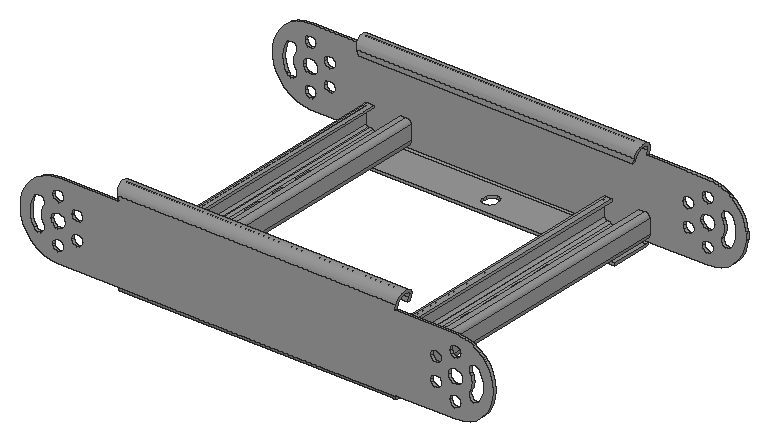
Revit family "Gelenkbogenelement - LGBE 620 FS", category Generic Models, Revit 2017
Family settings
  Can host rebar = No
  Round Connector Dimension = Use Diameter
  Part Type = Normal
  Work Plane-Based = No
  Always vertical = Yes
  Cut with Voids When Loaded = No
  Shared = No
  Room Calculation Point = No
Parameters (values of type "LGBE 620 FS")
  Width 1 = Width / 2  # 100 mm
  Width = 200 mm
  URL = "http://www.obo-bettermann.com"
  Material = Strip-galvanised
  Manufacturer Art.No. = "6225450"
  Manufacturer = "OBO BETTERMANN"
  GTIN = "4012196444885"
  Cut's number = 2
  Article Type = "LGBE 620 FS"
Reference planes
  plane 1 "Center (Front/Back)": y = 0
  plane 2: z = 0
  plane 3 "Center (Left/Right)": x = 0
  plane 4: z = 50.878
  plane 5: x = 298
  plane 6: x = 149
  plane 7: y = 200
  plane 8: y = 100
  plane 9: z = 54
  plane 10: z = 60
  plane 11: z = 50.878
  plane 12: y = 200
  plane 13: z = 30
  plane 14: z = 60
  plane 15: x = 62.5
  plane 16: x = 235.5
  plane 17: z = 54
  plane 18: z = 6
  plane 19: z = 54
  plane 20: z = 6
  plane 21: x = 62.5
  plane 22: x = 200.735
  plane 23: x = 62.424
  plane 24: x = 235.5
  plane 25: z = 30
  plane 26: x = 62.424
  plane 27: z = 26.878
  plane 28: x = 235.098
  plane 29: z = 2.878
  plane 30: z = 26.878
  plane 31: x = 24
  plane 32: x = 274
  plane 33: x = 235.5
  plane 34: x = 62.5
  plane 35: z = 30
  plane 36: z = 60
  plane 37: z = 54
  plane 38: z = 6
  plane 39: x = 62.5
  plane 40: z = 2.5
  plane 41: x = 235.5
  plane 42: x = 62.5
  plane 43: z = 30
  plane 44: z = 60
  plane 45: z = 6
  plane 46: z = 54
  plane 47: z = 50.878
  plane 48: x = 62.5
  plane 49: x = 235.5
  plane 50: z = 30
  plane 51: z = 60
  plane 52: z = 6
  plane 53: z = 54
  plane 54: z = 50.878
  plane 55: z = 26.878
  plane 56: x = 274
  plane 57: x = 24
  plane 58: z = 26.5
  plane 59: x = 24
  plane 60: y = 183.991
  plane 61: x = 24
  plane 62: x = 274
  plane 63: z = 26.878
  plane 64: z = 26.878
  plane 65: x = 24
  plane 66: z = 40.878
  plane 67: z = 12.885
  plane 68: through (24, -1524, 26.878) normal (-0.5, 0, -0.866)
  plane 69: through (24, -1524, 26.878) normal (0.5, 0, -0.866)
  plane 70: through (21.163, -1524, 25.24) normal (-0.5, 0, 0.866)
  plane 71: through (21.628, -1524, 28.247) normal (0.5, 0, 0.866)
  plane 72: x = 36.054
  plane 73: x = 274
  plane 74: x = 24
  plane 75: z = 26.878
  plane 76: z = 26.878
  plane 77: x = 274
  plane 78: z = 40.878
  plane 79: z = 12.885
  plane 80: through (274, -1524, 26.878) normal (-0.5, 0, 0.866)
  plane 81: through (274, -1524, 26.878) normal (0.5, 0, 0.866)
  plane 82: through (276.837, -1524, 25.24) normal (-0.5, 0, -0.866)
  plane 83: through (276.372, -1524, 28.247) normal (0.5, 0, -0.866)
  plane 84: x = 261.946
  plane 85: z = 26.678
  plane 86: x = 274
  plane 87: z = 26.678
  plane 88: x = 274
  plane 89: through (274.082, 0, 26.736) normal (0.5, 0, -0.866)
  plane 90: through (273.69, 0, 26.862) normal (-0.5, 0, -0.866)
  plane 91: through (276.753, 0, 25.094) normal (0.5, 0, 0.866)
  plane 92: through (275.566, 0, 27.592) normal (-0.5, 0, 0.866)
  plane 93: z = 40.652
  plane 94: z = 12.76
  plane 95: x = 261.762
  plane 96: z = 26.678
  plane 97: x = 24
  plane 98: z = 26.445
  plane 99: x = 24
  plane 100: through (23.918, 0, 26.502) normal (0.5, 0, 0.866)
  plane 101: through (24.31, 0, 26.629) normal (-0.5, 0, 0.866)
  plane 102: through (21.248, 0, 24.861) normal (0.5, 0, -0.866)
  plane 103: through (22.434, 0, 27.359) normal (-0.5, 0, -0.866)
  plane 104: z = 40.418
  plane 105: z = 12.527
  plane 106: x = 36.238
  plane 107: y = 198.478
  plane 108: x = 74
  plane 109: x = 224
  plane 110: z = 5.5
  plane 111: x = 61.754
  plane 112: x = 236.294
  plane 113: x = 84.5
  plane 114: x = 63.5
  plane 115: x = 68.4
  plane 116: x = 79.6
  plane 117: x = 224
  plane 118: z = 5.5
  plane 119: x = 213.5
  plane 120: x = 234.5
  plane 121: x = 218.4
  plane 122: x = 229.6
  plane 123: y = 196
  plane 124: y = 4
  plane 125: y = 156
  plane 126: y = 44
  plane 127: x = 74.003
  plane 128: y = 156
  plane 129: x = 74.003
  plane 130: y = 60
  plane 131: y = 80
  plane 132: y = 100
  plane 133: y = 120
  plane 134: y = 140
  plane 135: y = 44
  plane 136: y = 44
  plane 137: y = 156
  plane 138: y = 156
  plane 139: y = 80
  plane 140: y = 120
Forms (mm)
  Extrusion 1, solid, material "Strip-galvanised" <- "Material"
    sketch origin (0, 0, 0) x (0, 1, 0) y (0, 0, 1)
      loop
        line (2.5, 0) -> (27.007, 0) -> (27.007, 1.5) -> (2.5, 1.5)
        arc (2.5, 1.5) -> (1.793, 1.793) -> (1.5, 2.5) r 1
        line (1.5, 2.5) -> (1.5, 54.26)
        arc (1.5, 54.26) -> (6.119, 58.472) -> (10.471, 53.984) r 4.49
        line (10.471, 53.984) -> (10.471, 50.878) -> (11.971, 50.878) -> (11.971, 53.984)
        arc (11.971, 53.984) -> (6.141, 59.972) -> (0, 54.302) r 5.99
        line (0, 54.302) -> (0, 2.5)
        arc (0, 2.5) -> (0.732, 0.732) -> (2.5, 0) r 2.5
    from 0 to 298
  Extrusion 2, void
    sketch origin (0, 0, 0) x (1, 0, 0) y (0, 1, 0)
      loop
        arc (144.75, 15.007) -> (149, 10.757) -> (153.25, 15.007) r 4.25
        line (153.25, 15.007) -> (153.25, 17.007)
        arc (153.25, 17.007) -> (149, 21.257) -> (144.75, 17.007) r 4.25
        line (144.75, 17.007) -> (144.75, 15.007)
    from 0 to 1.5
  Extrusion 3, solid, material "Strip-galvanised" <- "Material"
    sketch origin (0, 0, 0) x (0, 1, 0) y (0, 0, 1)
      loop
        arc (197.5, 0) -> (199.268, 0.732) -> (200, 2.5) r 2.5
        line (200, 2.5) -> (200, 54)
        arc (200, 54) -> (193.986, 60.014) -> (187.972, 54) r 6.014
        line (187.972, 54) -> (187.972, 50.878) -> (189.472, 50.878) -> (189.472, 54)
        arc (189.472, 54) -> (193.986, 58.514) -> (198.5, 54) r 4.514
        line (198.5, 54) -> (198.5, 2.5)
        arc (198.5, 2.5) -> (198.207, 1.793) -> (197.5, 1.5) r 1
        line (197.5, 1.5) -> (172.991, 1.5) -> (172.991, 0) -> (197.5, 0)
    from 0 to 298
  Extrusion 4, void
    sketch origin (0, 0, 0) x (1, 0, 0) y (0, 0, 1)
      loop
        line (298, 60) -> (237.944, 60) -> (235.5, 50.878) -> (298, 50.878) -> (298, 60)
    from 0 to -11.971
  Extrusion 5, void
    sketch origin (0, 0, 0) x (1, 0, 0) y (0, 0, 1)
      loop
        line (59.976, 60.014) -> (0, 60.014) -> (0, 50.878) -> (62.424, 50.878) -> (59.976, 60.014)
    from 0 to -11.971
  Extrusion 6, void
    sketch origin (0, 0, 0) x (1, 0, 0) y (0, 0, 1)
      loop
        line (236.29, 2.878) -> (235.519, 0) -> (298, 0) -> (298, 2.878) -> (236.29, 2.878)
    from 0 to -27.007
  Extrusion 7, void
    sketch origin (0, 0, 0) x (1, 0, 0) y (0, 0, 1)
      loop
        line (61.65, 2.878) -> (0, 2.878) -> (0, 0) -> (62.421, 0) -> (61.65, 2.878)
    from 0 to -27.007
  Extrusion 8, void
    sketch origin (0, 0, 0) x (1, 0, 0) y (0, 0, 1)
      loop
        line (24, 50.878) -> (-1, 50.878) -> (-1, 2.878) -> (24, 2.878)
        arc (24, 2.878) -> (0, 26.878) -> (24, 50.878) r 24
    from 0 to -1.5
  Extrusion 9, void
    sketch origin (0, 0, 0) x (1, 0, 0) y (0, 0, 1)
      loop
        arc (274, 50.878) -> (298, 26.878) -> (274, 2.878) r 24
        line (274, 2.878) -> (299, 2.878) -> (299, 50.878) -> (274, 50.878)
    from 0 to -1.5
  Extrusion 10, void
    sketch origin (0, 0, 0) x (1, 0, 0) y (0, 0, 1)
      loop
        line (236.101, 2.5) -> (235.431, 0) -> (298, 0) -> (298, 2.5) -> (236.101, 2.5)
    from -172.991 to -200
  Extrusion 11, void
    sketch origin (0, 0, 0) x (1, 0, 0) y (0, 0, 1)
      loop
        line (0, 0) -> (62.421, 0) -> (61.65, 2.878) -> (0, 2.878) -> (0, 0)
    from -172.991 to -198.5
  Extrusion 12, void
    sketch origin (0, 0, 0) x (1, 0, 0) y (0, 0, 1)
      loop
        line (0, 0) -> (62.421, 0) -> (61.752, 2.5) -> (0, 2.5) -> (0, 0)
    from -172.991 to -200
  Extrusion 13, void
    sketch origin (0, 0, 0) x (1, 0, 0) y (0, 0, 1)
      loop
        line (0, 60.014) -> (0, 50.878) -> (62.424, 50.878) -> (59.976, 60.014) -> (0, 60.014)
    from -187.972 to -200
  Extrusion 14, void
    sketch origin (298, 0, 0) x (-1, 0, 0) y (0, 0, -1)
      loop
        line (0, -60.014) -> (60.459, -60.014) -> (62.907, -50.878) -> (0, -50.878) -> (0, -60.014)
    from -187.972 to -200
  Extrusion 15, void
    sketch origin (0, 0, 0) x (1, 0, 0) y (0, 0, 1)
      loop
        arc (273.909, 50.878) -> (298.098, 26.689) -> (273.909, 2.5) r 24.189
        line (273.909, 2.5) -> (299, 2.5) -> (299, 50.878) -> (273.909, 50.878)
    from -198.5 to -200
  Extrusion 16, void
    sketch origin (0, 0, 0) x (1, 0, 0) y (0, 0, 1)
      loop
        line (24.069, 50.878) -> (-1.938, 50.878) -> (-1.938, 2.5) -> (24.069, 2.5)
        arc (24.069, 2.5) -> (-0.12, 26.689) -> (24.069, 50.878) r 24.189
    from -198.5 to -200
  Extrusion 17, void
    sketch origin (0, 0, 0) x (1, 0, 0) y (0, 1, 0)
      loop
        arc (144.75, 182.991) -> (149, 178.741) -> (153.25, 182.991) r 4.25
        line (153.25, 182.991) -> (153.25, 184.991)
        arc (153.25, 184.991) -> (149, 189.241) -> (144.75, 184.991) r 4.25
        line (144.75, 184.991) -> (144.75, 182.991)
    from 1.5 to 0
  Extrusion 18, void
    sketch origin (0, 0, 0) x (1, 0, 0) y (0, 0, 1)
      loop
        circle (24, 26.878) r 4.5
    from 0 to -1.5
  Extrusion 19, void
    sketch origin (0, 0, 0) x (1, 0, 0) y (0, 0, 1)
      loop
        circle (24, 40.878) r 3.502
      loop
        circle (24, 12.878) r 3.504
      loop
        arc (8.627, 35.281) -> (6.368, 26.618) -> (8.878, 18.024) r 16.802
        arc (8.878, 18.024) -> (13.786, 16.867) -> (14.943, 21.775) r 3.565
        arc (14.943, 21.775) -> (13.503, 27.012) -> (14.898, 32.261) r 10.409
        arc (14.898, 32.261) -> (13.39, 37.15) -> (8.627, 35.281) r 3.49
      loop
        circle (36.124, 33.878) r 3.463
      loop
        circle (36.124, 19.878) r 3.521
    from 0 to -1.5
  Extrusion 20, void
    sketch origin (298, 0, 0) x (-1, 0, 0) y (0, 0, -1)
      loop
        circle (24, -26.878) r 4.5
    from 0 to -1.5
  Extrusion 21, void
    sketch origin (298, 0, 0) x (-1, 0, 0) y (0, 0, -1)
      loop
        circle (24, -40.878) r 3.502
      loop
        circle (24, -12.878) r 3.504
      loop
        arc (8.627, -35.281) -> (13.39, -37.15) -> (14.898, -32.261) r 3.49
        arc (14.898, -32.261) -> (13.503, -27.012) -> (14.943, -21.775) r 10.409
        arc (14.943, -21.775) -> (13.786, -16.867) -> (8.878, -18.024) r 3.565
        arc (8.878, -18.024) -> (6.368, -26.618) -> (8.627, -35.281) r 16.802
      loop
        circle (36.124, -33.878) r 3.463
      loop
        circle (36.124, -19.878) r 3.521
    from 0 to -1.5
  Extrusion 22, void
    sketch origin (0, 0, 0) x (1, 0, 0) y (0, 0, 1)
      loop
        circle (274, 26.678) r 4.5
    from -198.5 to -200
  Extrusion 23, void
    sketch origin (0, 0, 0) x (1, 0, 0) y (0, 0, 1)
      loop
        circle (274, 40.678) r 3.47
      loop
        circle (274, 12.678) r 3.481
      loop
        circle (261.762, 33.478) r 3.495
      loop
        circle (261.871, 19.686) r 3.465
      loop
        arc (283.086, 31.934) -> (284.501, 26.681) -> (283.113, 21.422) r 10.56
        arc (283.113, 21.422) -> (284.387, 16.669) -> (289.14, 17.942) r 3.479
        arc (289.14, 17.942) -> (291.494, 26.688) -> (289.154, 35.437) r 17.471
        arc (289.154, 35.437) -> (284.368, 36.719) -> (283.086, 31.934) r 3.503
    from -198.5 to -200
  Extrusion 24, void
    sketch origin (298, 0, 0) x (-1, 0, 0) y (0, 0, -1)
      loop
        circle (274, -26.678) r 4.5
    from -198.5 to -200
  Extrusion 25, void
    sketch origin (298, 0, -0.233) x (-1, 0, 0) y (0, 0, -1)
      loop
        circle (274, -40.678) r 3.47
      loop
        circle (274, -12.678) r 3.481
      loop
        circle (261.762, -33.478) r 3.495
      loop
        circle (261.871, -19.686) r 3.465
      loop
        arc (283.086, -31.934) -> (284.368, -36.719) -> (289.154, -35.437) r 3.503
        arc (289.154, -35.437) -> (291.494, -26.688) -> (289.14, -17.942) r 17.471
        arc (289.14, -17.942) -> (284.387, -16.669) -> (283.113, -21.422) r 3.479
        arc (283.113, -21.422) -> (284.501, -26.681) -> (283.086, -31.934) r 10.56
    from -198.5 to -200
  Extrusion 26, solid, material "Strip-galvanised" <- "Material"
    sketch origin (0, 0, 0) x (1, 0, 0) y (0, 0, 1)
      loop
        arc (59, 8.5) -> (59.879, 6.379) -> (62, 5.5) r 3
        line (62, 5.5) -> (63.037, 5.5)
        arc (63.037, 5.5) -> (63.473, 5.425) -> (63.859, 5.207) r 1.3
        line (63.859, 5.207) -> (67.02, 2.627)
        arc (67.02, 2.627) -> (68.503, 1.79) -> (70.182, 1.5) r 5
        line (70.182, 1.5) -> (77.818, 1.5)
        arc (77.818, 1.5) -> (79.497, 1.79) -> (80.98, 2.627) r 5
        line (80.98, 2.627) -> (84.141, 5.207)
        arc (84.141, 5.207) -> (84.527, 5.425) -> (84.963, 5.5) r 1.3
        line (84.963, 5.5) -> (86.024, 5.5)
        arc (86.024, 5.5) -> (88.145, 6.379) -> (89.024, 8.5) r 3
        line (89.024, 8.5) -> (89.024, 17.5)
        arc (89.024, 17.5) -> (88.145, 19.621) -> (86.024, 20.5) r 3
        line (86.024, 20.5) -> (82.51, 20.5) -> (82.51, 19) -> (86.024, 19)
        arc (86.024, 19) -> (87.084, 18.561) -> (87.524, 17.5) r 1.5
        line (87.524, 17.5) -> (87.524, 8.5)
        arc (87.524, 8.5) -> (87.084, 7.439) -> (86.024, 7) r 1.5
        line (86.024, 7) -> (84.963, 7)
        arc (84.963, 7) -> (84.023, 6.838) -> (83.193, 6.369) r 2.8
        line (83.193, 6.369) -> (80.032, 3.789)
        arc (80.032, 3.789) -> (78.993, 3.203) -> (77.818, 3) r 3.5
        line (77.818, 3) -> (70.182, 3)
        arc (70.182, 3) -> (69.007, 3.203) -> (67.968, 3.789) r 3.5
        line (67.968, 3.789) -> (64.807, 6.369)
        arc (64.807, 6.369) -> (63.977, 6.838) -> (63.037, 7) r 2.8
        line (63.037, 7) -> (62, 7)
        arc (62, 7) -> (60.939, 7.439) -> (60.5, 8.5) r 1.5
        line (60.5, 8.5) -> (60.5, 17.5)
        arc (60.5, 17.5) -> (60.939, 18.561) -> (62, 19) r 1.5
        line (62, 19) -> (65.503, 19) -> (65.503, 20.5) -> (62, 20.5)
        arc (62, 20.5) -> (59.879, 19.621) -> (59, 17.5) r 3
        line (59, 17.5) -> (59, 8.5)
    from -4 to -196
  Extrusion 27, solid, material "Strip-galvanised" <- "Material"
    sketch origin (0, 0, 0) x (1, 0, 0) y (0, 0, 1)
      loop
        arc (209, 8.5) -> (209.879, 6.379) -> (212, 5.5) r 3
        line (212, 5.5) -> (213.03, 5.5)
        arc (213.03, 5.5) -> (213.471, 5.423) -> (213.86, 5.201) r 1.302
        line (213.86, 5.201) -> (216.958, 2.635)
        arc (216.958, 2.635) -> (218.452, 1.792) -> (220.142, 1.5) r 5.033
        line (220.142, 1.5) -> (227.852, 1.5)
        arc (227.852, 1.5) -> (229.544, 1.794) -> (231.037, 2.641) r 5.015
        line (231.037, 2.641) -> (234.149, 5.199)
        arc (234.149, 5.199) -> (234.536, 5.418) -> (234.974, 5.495) r 1.3
        line (234.974, 5.495) -> (235.999, 5.495)
        arc (235.999, 5.495) -> (238.122, 6.374) -> (239.001, 8.497) r 3.003
        line (239.001, 8.497) -> (239.001, 17.5)
        arc (239.001, 17.5) -> (238.122, 19.622) -> (236.001, 20.501) r 3.001
        line (236.001, 20.501) -> (232.501, 20.501) -> (232.501, 19) -> (236, 19)
        arc (236, 19) -> (237.061, 18.561) -> (237.5, 17.5) r 1.5
        line (237.5, 17.5) -> (237.5, 8.5)
        arc (237.5, 8.5) -> (237.061, 7.439) -> (236, 7) r 1.5
        line (236, 7) -> (234.974, 6.995)
        arc (234.974, 6.995) -> (234.03, 6.831) -> (233.21, 6.369) r 2.8
        line (233.21, 6.369) -> (230.032, 3.789)
        arc (230.032, 3.789) -> (228.988, 3.203) -> (227.809, 3) r 3.527
        line (227.809, 3) -> (220.153, 3)
        arc (220.153, 3) -> (218.981, 3.202) -> (217.944, 3.785) r 3.5
        line (217.944, 3.785) -> (214.765, 6.372)
        arc (214.765, 6.372) -> (213.936, 6.838) -> (212.998, 7) r 2.8
        line (212.998, 7) -> (212, 7)
        arc (212, 7) -> (210.939, 7.439) -> (210.5, 8.5) r 1.5
        line (210.5, 8.5) -> (210.5, 17.5)
        arc (210.5, 17.5) -> (210.939, 18.561) -> (212, 19) r 1.5
        line (212, 19) -> (215.53, 19) -> (215.53, 20.5) -> (212, 20.5)
        arc (212, 20.5) -> (209.879, 19.621) -> (209, 17.5) r 3
        line (209, 17.5) -> (209, 8.5)
    from -4 to -196
  Extrusion 28, void
    sketch origin (0, 0, 0) x (1, 0, 0) y (0, 1, 0)
      loop
        arc (72.503, 48.5) -> (68.003, 44) -> (72.503, 39.5) r 4.5
        line (72.503, 39.5) -> (75.503, 39.5)
        arc (75.503, 39.5) -> (80.003, 44) -> (75.503, 48.5) r 4.5
        line (75.503, 48.5) -> (72.503, 48.5)
    from 1.5 to 5.5
  Extrusion 29, void
    sketch origin (0, 0, 0) x (1, 0, 0) y (0, 1, 0)
      loop
        arc (72.503, 160.5) -> (68.003, 156) -> (72.503, 151.5) r 4.5
        line (72.503, 151.5) -> (75.503, 151.5)
        arc (75.503, 151.5) -> (80.003, 156) -> (75.503, 160.5) r 4.5
        line (75.503, 160.5) -> (72.503, 160.5)
    from 0 to 5.5
  Extrusion 30, void
    sketch origin (0, 0, 0) x (1, 0, 0) y (0, 1, 0)
      loop
        arc (66.003, 65.5) -> (65.649, 65.354) -> (65.503, 65) r 0.5
        line (65.503, 65) -> (65.503, 55)
        arc (65.503, 55) -> (65.649, 54.646) -> (66.003, 54.5) r 0.5
        line (66.003, 54.5) -> (82.01, 54.5)
        arc (82.01, 54.5) -> (82.363, 54.646) -> (82.51, 55) r 0.5
        line (82.51, 55) -> (82.51, 65)
        arc (82.51, 65) -> (82.363, 65.354) -> (82.01, 65.5) r 0.5
        line (82.01, 65.5) -> (66.003, 65.5)
    from 0 to 7
  Extrusion 31, void
    sketch origin (0, 0, 0) x (1, 0, 0) y (0, 1, 0)
      loop
        arc (66.003, 83.5) -> (65.649, 83.354) -> (65.503, 83) r 0.5
        line (65.503, 83) -> (65.503, 77)
        arc (65.503, 77) -> (65.649, 76.646) -> (66.003, 76.5) r 0.5
        line (66.003, 76.5) -> (82.01, 76.5)
        arc (82.01, 76.5) -> (82.363, 76.646) -> (82.51, 77) r 0.5
        line (82.51, 77) -> (82.51, 83)
        arc (82.51, 83) -> (82.363, 83.354) -> (82.01, 83.5) r 0.5
        line (82.01, 83.5) -> (66.003, 83.5)
    from 0 to 7
  Extrusion 32, void
    sketch origin (0, 40, 0) x (1, 0, 0) y (0, 1, 0)
      loop
        arc (66.003, 65.5) -> (65.649, 65.354) -> (65.503, 65) r 0.5
        line (65.503, 65) -> (65.503, 55)
        arc (65.503, 55) -> (65.649, 54.646) -> (66.003, 54.5) r 0.5
        line (66.003, 54.5) -> (82.01, 54.5)
        arc (82.01, 54.5) -> (82.363, 54.646) -> (82.51, 55) r 0.5
        line (82.51, 55) -> (82.51, 65)
        arc (82.51, 65) -> (82.363, 65.354) -> (82.01, 65.5) r 0.5
        line (82.01, 65.5) -> (66.003, 65.5)
    from 0 to 7
  Extrusion 33, void
    sketch origin (0, 40, 0) x (1, 0, 0) y (0, 1, 0)
      loop
        arc (66.003, 83.5) -> (65.649, 83.354) -> (65.503, 83) r 0.5
        line (65.503, 83) -> (65.503, 77)
        arc (65.503, 77) -> (65.649, 76.646) -> (66.003, 76.5) r 0.5
        line (66.003, 76.5) -> (82.01, 76.5)
        arc (82.01, 76.5) -> (82.363, 76.646) -> (82.51, 77) r 0.5
        line (82.51, 77) -> (82.51, 83)
        arc (82.51, 83) -> (82.363, 83.354) -> (82.01, 83.5) r 0.5
        line (82.01, 83.5) -> (66.003, 83.5)
    from 0 to 7
  Extrusion 34, void
    sketch origin (0, 80, 0) x (1, 0, 0) y (0, 1, 0)
      loop
        arc (66.003, 65.5) -> (65.649, 65.354) -> (65.503, 65) r 0.5
        line (65.503, 65) -> (65.503, 55)
        arc (65.503, 55) -> (65.649, 54.646) -> (66.003, 54.5) r 0.5
        line (66.003, 54.5) -> (82.01, 54.5)
        arc (82.01, 54.5) -> (82.363, 54.646) -> (82.51, 55) r 0.5
        line (82.51, 55) -> (82.51, 65)
        arc (82.51, 65) -> (82.363, 65.354) -> (82.01, 65.5) r 0.5
        line (82.01, 65.5) -> (66.003, 65.5)
    from 0 to 7
  Extrusion 35, void
    sketch origin (0, 0, 0) x (1, 0, 0) y (0, 1, 0)
      loop
        arc (222.5, 48.5) -> (218, 44) -> (222.5, 39.5) r 4.5
        line (222.5, 39.5) -> (225.5, 39.5)
        arc (225.5, 39.5) -> (230, 44) -> (225.5, 48.5) r 4.5
        line (225.5, 48.5) -> (222.5, 48.5)
    from 0 to 5.5
  Extrusion 36, void
    sketch origin (0, 0, 0) x (1, 0, 0) y (0, 1, 0)
      loop
        arc (222.5, 160.5) -> (218, 156) -> (222.5, 151.5) r 4.5
        line (222.5, 151.5) -> (225.5, 151.5)
        arc (225.5, 151.5) -> (230, 156) -> (225.5, 160.5) r 4.5
        line (225.5, 160.5) -> (222.5, 160.5)
    from 0 to 5.5
  Extrusion 37, void
    sketch origin (0, 0, 0) x (1, 0, 0) y (0, 1, 0)
      loop
        arc (216.03, 105.5) -> (215.677, 105.354) -> (215.53, 105) r 0.5
        line (215.53, 105) -> (215.53, 95)
        arc (215.53, 95) -> (215.677, 94.646) -> (216.03, 94.5) r 0.5
        line (216.03, 94.5) -> (232.001, 94.5)
        arc (232.001, 94.5) -> (232.355, 94.646) -> (232.501, 95) r 0.5
        line (232.501, 95) -> (232.501, 105)
        arc (232.501, 105) -> (232.355, 105.354) -> (232.001, 105.5) r 0.5
        line (232.001, 105.5) -> (216.03, 105.5)
    from 0 to 7
  Extrusion 38, void
    sketch origin (0, 40, 0) x (1, 0, 0) y (0, 1, 0)
      loop
        arc (216.03, 105.5) -> (215.677, 105.354) -> (215.53, 105) r 0.5
        line (215.53, 105) -> (215.53, 95)
        arc (215.53, 95) -> (215.677, 94.646) -> (216.03, 94.5) r 0.5
        line (216.03, 94.5) -> (232.001, 94.5)
        arc (232.001, 94.5) -> (232.355, 94.646) -> (232.501, 95) r 0.5
        line (232.501, 95) -> (232.501, 105)
        arc (232.501, 105) -> (232.355, 105.354) -> (232.001, 105.5) r 0.5
        line (232.001, 105.5) -> (216.03, 105.5)
    from 0 to 7
  Extrusion 39, void
    sketch origin (0, -40, 0) x (1, 0, 0) y (0, 1, 0)
      loop
        arc (216.03, 105.5) -> (215.677, 105.354) -> (215.53, 105) r 0.5
        line (215.53, 105) -> (215.53, 95)
        arc (215.53, 95) -> (215.677, 94.646) -> (216.03, 94.5) r 0.5
        line (216.03, 94.5) -> (232.001, 94.5)
        arc (232.001, 94.5) -> (232.355, 94.646) -> (232.501, 95) r 0.5
        line (232.501, 95) -> (232.501, 105)
        arc (232.501, 105) -> (232.355, 105.354) -> (232.001, 105.5) r 0.5
        line (232.001, 105.5) -> (216.03, 105.5)
    from 0 to 7
  Extrusion 40, void
    sketch origin (0, 0, 0) x (1, 0, 0) y (0, 1, 0)
      loop
        line (215.53, 83.5) -> (215.53, 76.5) -> (232.501, 76.5) -> (232.501, 83.5) -> (215.53, 83.5)
    from 0 to 7
  Extrusion 41, void
    sketch origin (0, 40, 0) x (1, 0, 0) y (0, 1, 0)
      loop
        line (215.53, 83.5) -> (215.53, 76.5) -> (232.501, 76.5) -> (232.501, 83.5) -> (215.53, 83.5)
    from 0 to 7
Cuts and joins
  Extrusion 2, Extrusion 4, Extrusion 5, Extrusion 6, Extrusion 7, Extrusion 8, Extrusion 9, Extrusion 10, Extrusion 11, Extrusion 12, Extrusion 13, Extrusion 18, Extrusion 19, Extrusion 20, Extrusion 21 cuts Extrusion 1
  Extrusion 5, Extrusion 6, Extrusion 7, Extrusion 8, Extrusion 9, Extrusion 10, Extrusion 11, Extrusion 12, Extrusion 13, Extrusion 14, Extrusion 15, Extrusion 16, Extrusion 17, Extrusion 18, Extrusion 19, Extrusion 22, Extrusion 23, Extrusion 24, Extrusion 25 cuts Extrusion 3
  Extrusion 28, Extrusion 29, Extrusion 30, Extrusion 31, Extrusion 32, Extrusion 33, Extrusion 34 cuts Extrusion 26
  Extrusion 35, Extrusion 36, Extrusion 37, Extrusion 38, Extrusion 39, Extrusion 40, Extrusion 41 cuts Extrusion 27
Dimensions and locks
  locked: Extrusion 1 sketch curve to Extrusion 1 sketch curve at 59.974
  locked: Extrusion 1 sketch curve to Extrusion 1 sketch curve at 11.975
  Extrusion 1 sketch curve to Extrusion 1 sketch curve = 8.975 mm
  Extrusion 1 sketch curve to plane 4 = 9.096 mm
  locked: Extrusion 1 sketch curve to Extrusion 1 sketch curve at 27.007
  locked: Extrusion 1 sketch curve to Extrusion 1 sketch curve at 1.5  (x3)
  locked: Extrusion 1 sketch curve to Extrusion 1 sketch curve at 49.378
  locked: plane 5 to plane 3 "Center (Left/Right)" at 298
  locked: plane 5 to plane 6 at 149
  locked: Extrusion 2 sketch curve to Extrusion 2 sketch curve at 8.5
  locked: Extrusion 2 sketch curve to plane 6 at 4.25
  locked: cut or joined group 1 (Extrusion 1, Extrusion 2, Extrusion 4, Extrusion 5, Extrusion 6, Extrusion 7, Extrusion 8, Extrusion 9, Extrusion 10, Extrusion 11, Extrusion 12, Extrusion 13, Extrusion 18, Extrusion 19, Extrusion 20, Extrusion 21) to Extrusion 2 sketch curve at 5.75
  "Width": plane 1 "Center (Front/Back)" to plane 7
  "Width 1": plane 1 "Center (Front/Back)" to plane 8
  locked: plane 10 to level at 60
  locked: plane 10 to plane 9 at 6
  locked: Extrusion 3 sketch curve to Extrusion 3 sketch curve at 60.014
  locked: Extrusion 3 sketch curve to Extrusion 3 sketch curve at 27.009
  locked: Extrusion 3 sketch curve to Extrusion 3 sketch curve at 9.136
  locked: Extrusion 3 sketch curve to Extrusion 3 sketch curve at 1.5  (x3)
  "Width": cut or joined group 1 to Extrusion 3 sketch curve
  locked: plane 14 to level at 60
  locked: plane 13 to cut or joined group 1 at 30
  locked: plane 17 to plane 13 at 24
  locked: plane 13 to plane 18 at 24
  locked: plane 19 to plane 13 at 24
  locked: plane 13 to plane 20 at 24
  locked: plane 16 to plane 6 at 86.5
  locked: plane 6 to plane 15 at 86.5
  locked: Extrusion 5 sketch curve to cut or joined group 1 at 9.136
  plane 6 to Extrusion 5 sketch curve = 86.576 mm
  locked: Extrusion 5 sketch curve to Extrusion 5 sketch curve at 62.424
  locked: plane 25 to cut or joined group 1 at 30
  locked: cut or joined group 1 to cut or joined group 1 at 1.5  (x2)
  cut or joined group 1 to Extrusion 7 sketch curve = 48 mm
  locked: cut or joined group 1 to plane 27 at 24
  locked: Extrusion 6 sketch curve to Extrusion 6 sketch curve at 62.481
  cut or joined group 1 to plane 30 = 24 mm
  locked: cut or joined group 1 to plane 30 at 24
  locked: plane 30 to cut or joined group 1 at 24
  locked: cut or joined group 1 to plane 32 at 24
  locked: cut or joined group 2 (Extrusion 3, Extrusion 5, Extrusion 6, Extrusion 7, Extrusion 8, Extrusion 9, Extrusion 10, Extrusion 11, Extrusion 12, Extrusion 13, Extrusion 14, Extrusion 15, Extrusion 16, Extrusion 17, Extrusion 18, Extrusion 19, Extrusion 22, Extrusion 23, Extrusion 24, Extrusion 25) to plane 35 at 30
  locked: plane 6 to plane 34 at 86.5
  locked: plane 33 to plane 6 at 86.5
  locked: level to plane 36 at 60
  locked: plane 35 to plane 37 at 24
  locked: plane 38 to plane 35 at 24
  locked: cut or joined group 2 to Extrusion 10 sketch curve at 2.5
  locked: cut or joined group 2 to Extrusion 10 sketch curve at 62.569
  cut or joined group 2 to Extrusion 11 sketch curve = 2.878 mm  (x2)
  level to Extrusion 12 sketch curve = 2.5 mm
  locked: plane 6 to plane 42 at 86.5
  locked: plane 41 to plane 6 at 86.5
  locked: level to plane 44 at 60
  locked: cut or joined group 2 to plane 43 at 30
  locked: plane 45 to plane 43 at 24
  locked: plane 43 to plane 46 at 24
  locked: Extrusion 13 sketch curve to Extrusion 13 sketch curve at 9.136
  Extrusion 13 sketch curve to Extrusion 13 sketch curve = 62.424 mm
  locked: plane 52 to plane 50 at 24
  locked: plane 50 to plane 53 at 24
  locked: Extrusion 14 sketch curve to Extrusion 14 sketch curve at 9.136
  Extrusion 14 sketch curve to Extrusion 14 sketch curve = 62.907 mm
  plane 55 to cut or joined group 2 = 24 mm
  locked: cut or joined group 2 to plane 55 at 24.378
  cut or joined group 2 to plane 56 = 24 mm
  cut or joined group 2 to plane 57 = 24 mm
  locked: cut or joined group 2 to plane 58 at 24  (x2)
  locked: cut or joined group 2 to plane 59 at 24
  locked: Extrusion 17 sketch curve to Extrusion 17 sketch curve at 8.5
  locked: Extrusion 17 sketch curve to plane 6 at 4.25
  locked: Extrusion 17 sketch curve to plane 60 at 5.25
  locked: plane 60 to Extrusion 17 sketch curve at 5.25
  locked: plane 6 to plane 61 at 125
  locked: plane 62 to plane 6 at 125
  locked: plane 63 to cut or joined group 1 at 24
  locked: plane 63 to Extrusion 18 sketch curve at 0
  locked: plane 61 to Extrusion 18 sketch curve at 0
  locked: plane 64 to cut or joined group 1 at 24
  locked: plane 6 to plane 65 at 125
  locked: cut or joined group 1 to plane 66 at 10
  locked: plane 66 to Extrusion 19 sketch curve at 0
  locked: plane 65 to Extrusion 19 sketch curve at 0  (x2)
  locked: plane 67 to Extrusion 19 sketch curve at 0.007
  locked: plane 70 to Extrusion 19 sketch curve at 0
  locked: Extrusion 19 sketch curve to plane 64 at 10.618
  locked: plane 64 to Extrusion 19 sketch curve at 10.544
  locked: Extrusion 19 sketch curve to plane 64 at 10.463
  locked: plane 71 to Extrusion 19 sketch curve at 0
  locked: plane 72 to plane 65 at 12.054
  locked: Extrusion 19 sketch curve to plane 72 at 0.071  (x2)
  locked: plane 75 to Extrusion 20 sketch curve at 0
  locked: plane 73 to Extrusion 20 sketch curve at 0
  locked: plane 78 to Extrusion 21 sketch curve at 0
  locked: plane 77 to Extrusion 21 sketch curve at 0  (x2)
  locked: plane 79 to Extrusion 21 sketch curve at 0.007
  locked: plane 82 to Extrusion 21 sketch curve at 0
  locked: Extrusion 21 sketch curve to plane 76 at 10.618
  locked: plane 76 to Extrusion 21 sketch curve at 10.544
  locked: Extrusion 21 sketch curve to plane 76 at 10.463
  locked: plane 83 to Extrusion 21 sketch curve at 0
  locked: plane 84 to plane 77 at 12.054
  locked: Extrusion 21 sketch curve to plane 84 at 0.071  (x2)
  locked: plane 86 to plane 6 at 125
  plane 85 to cut or joined group 2 = 24.2 mm
  locked: cut or joined group 2 to plane 85 at 24.178
  cut or joined group 2 to cut or joined group 2 = 48.378 mm
  locked: plane 86 to Extrusion 22 sketch curve at 0
  locked: plane 85 to Extrusion 22 sketch curve at 0
  plane 87 to cut or joined group 2 = 24.2 mm
  locked: cut or joined group 2 to plane 87 at 24.178
  locked: plane 88 to plane 6 at 125
  locked: plane 93 to cut or joined group 2 at 10.226
  locked: plane 95 to plane 88 at 12.238
  locked: cut or joined group 2 to plane 94 at 10.26
  locked: plane 93 to Extrusion 23 sketch curve at 0.026
  locked: Extrusion 23 sketch curve to plane 94 at 0.082
  locked: plane 88 to Extrusion 23 sketch curve at 0
  locked: plane 95 to Extrusion 23 sketch curve at 0
  locked: plane 91 to Extrusion 23 sketch curve at 0.235
  locked: plane 92 to Extrusion 23 sketch curve at 0
  plane 95 to Extrusion 23 sketch curve = 0.109 mm
  locked: plane 97 to Extrusion 24 sketch curve at 0
  locked: plane 96 to Extrusion 24 sketch curve at 0
  locked: plane 106 to plane 99 at 12.238
  locked: plane 104 to Extrusion 25 sketch curve at 0.026
  locked: Extrusion 25 sketch curve to plane 105 at 0.082
  locked: plane 99 to Extrusion 25 sketch curve at 0
  locked: plane 106 to Extrusion 25 sketch curve at 0
  locked: plane 102 to Extrusion 25 sketch curve at 0.235
  locked: plane 103 to Extrusion 25 sketch curve at 0
  plane 106 to Extrusion 25 sketch curve = 0.109 mm
  locked: plane 107 to plane 7 at 1.522
  locked: plane 6 to plane 108 at 75
  locked: plane 109 to plane 6 at 75
  locked: plane 110 to cut or joined group 1 at 4
  locked: Extrusion 26 sketch curve to Extrusion 26 sketch curve at 17.007
  locked: plane 113 to plane 108 at 10.5
  locked: plane 108 to plane 114 at 10.5
  locked: plane 116 to plane 108 at 5.6
  locked: plane 108 to plane 115 at 5.6
  locked: Extrusion 26 sketch curve to Extrusion 26 sketch curve at 1.5  (x6)
  locked: Extrusion 26 sketch curve to cut or joined group 1 at 1.5
  locked: Extrusion 26 sketch curve to Extrusion 26 sketch curve at 27.024
  locked: Extrusion 26 sketch curve to cut or joined group 1 at 19
  locked: Extrusion 26 sketch curve to cut or joined group 1 at 17.5
  locked: Extrusion 26 sketch curve to cut or joined group 1 at 4  (x2)
  locked: plane 108 to Extrusion 26 sketch curve at 8.497
  plane 108 to Extrusion 26 sketch curve = 8.51 mm
  locked: plane 117 to plane 6 at 75
  locked: plane 118 to cut or joined group 1 at 4
  locked: plane 120 to plane 117 at 10.5
  locked: plane 117 to plane 119 at 10.5
  locked: plane 122 to plane 117 at 5.6
  locked: plane 117 to plane 121 at 5.6
  locked: Extrusion 27 sketch curve to Extrusion 27 sketch curve at 16.971
  locked: Extrusion 27 sketch curve to Extrusion 27 sketch curve at 1.5  (x2)
  locked: Extrusion 27 sketch curve to Extrusion 27 sketch curve at 1.501  (x2)
  locked: Extrusion 27 sketch curve to cut or joined group 1 at 16.122  (x2)
  locked: Extrusion 27 sketch curve to cut or joined group 1 at 1.5
  locked: Extrusion 27 sketch curve to Extrusion 27 sketch curve at 27
  locked: Extrusion 27 sketch curve to cut or joined group 1 at 3.995
  locked: Extrusion 27 sketch curve to cut or joined group 1 at 4
  locked: Extrusion 27 sketch curve to plane 117 at 8.47
  plane 117 to Extrusion 27 sketch curve = 8.501 mm
  locked: Extrusion 27 sketch curve to Extrusion 27 sketch curve at 20.989
  locked: Extrusion 27 sketch curve to Extrusion 27 sketch curve at 20.949
  "Width": cut or joined group 1 to plane 7
  locked: cut or joined group 1 to cut or joined group 1 at 5.75
  locked: plane 6 to cut or joined group 1 at 4.25
  locked: plane 6 to Extrusion 2 sketch curve at 0
  locked: plane 123 to cut or joined group 2 at 2.5
  locked: plane 124 to cut or joined group 1 at 2.5
  locked: cut or joined group 2 to cut or joined group 2 at 9.028
  locked: cut or joined group 2 to cut or joined group 2 at 49.378
  locked: cut or joined group 2 to cut or joined group 2 at 60.014
  locked: cut or joined group 2 to cut or joined group 2 at 5.75
  locked: plane 6 to cut or joined group 2 at 4.25
  locked: plane 7 to cut or joined group 2 at 10.759
  locked: Extrusion 26 to plane 125 at 40
  locked: Extrusion 26 to plane 126 at 40
  locked: Extrusion 26 to plane 127 at 8.5
  locked: Extrusion 28 sketch curve to Extrusion 28 sketch curve at 9
  locked: plane 126 to Extrusion 28 sketch curve at 4.5
  locked: Extrusion 28 sketch curve to plane 127 at 6
  locked: plane 127 to Extrusion 28 sketch curve at 6
  locked: cut or joined group 3 (Extrusion 26, Extrusion 28, Extrusion 29, Extrusion 30, Extrusion 31, Extrusion 32, Extrusion 33, Extrusion 34) to plane 128 at 40
  locked: cut or joined group 3 to plane 129 at 8.5
  locked: Extrusion 29 sketch curve to Extrusion 29 sketch curve at 9
  locked: plane 128 to Extrusion 29 sketch curve at 4.5
  locked: Extrusion 29 sketch curve to plane 129 at 6
  locked: plane 129 to Extrusion 29 sketch curve at 6
  locked: Extrusion 30 sketch curve to Extrusion 30 sketch curve at 11
  locked: plane 130 to Extrusion 30 sketch curve at 5.5
  locked: Extrusion 31 sketch curve to Extrusion 31 sketch curve at 7
  locked: plane 131 to Extrusion 31 sketch curve at 3.5
  locked: Extrusion 32 sketch curve to Extrusion 32 sketch curve at 11
  locked: plane 132 to Extrusion 32 sketch curve at 5.5
  locked: Extrusion 33 sketch curve to Extrusion 33 sketch curve at 7
  locked: plane 133 to Extrusion 33 sketch curve at 3.5
  group 2 to group 3 = 0 mm  (x2)
  group 2 to group 3 = 40 mm
  locked: Extrusion 34 sketch curve to Extrusion 34 sketch curve at 11
  locked: plane 134 to Extrusion 34 sketch curve at 5.5
  group 4 to group 5 = 0 mm  (x2)
  group 4 to group 5 = 40 mm
  locked: plane 135 to plane 124 at 40
  locked: Extrusion 35 sketch curve to Extrusion 35 sketch curve at 9
  locked: plane 135 to Extrusion 35 sketch curve at 4.5
  locked: Extrusion 35 sketch curve to plane 117 at 6
  locked: plane 117 to Extrusion 35 sketch curve at 6
  locked: plane 123 to plane 137 at 40
  locked: Extrusion 36 sketch curve to Extrusion 36 sketch curve at 9
  locked: plane 137 to Extrusion 36 sketch curve at 4.5
  locked: Extrusion 36 sketch curve to plane 117 at 6
  locked: plane 117 to Extrusion 36 sketch curve at 6
  locked: plane 7 to cut or joined group 4 (Extrusion 27, Extrusion 35, Extrusion 36, Extrusion 37, Extrusion 38, Extrusion 39, Extrusion 40, Extrusion 41) at 39.5
  locked: cut or joined group 4 to plane 7 at 48.5
  locked: plane 117 to cut or joined group 4 at 6
  locked: cut or joined group 4 to plane 117 at 6
  locked: Extrusion 37 sketch curve to Extrusion 37 sketch curve at 11
  locked: cut or joined group 4 to cut or joined group 4 at 16.971  (x2)
  locked: Extrusion 38 sketch curve to Extrusion 38 sketch curve at 11
  locked: Extrusion 39 sketch curve to Extrusion 39 sketch curve at 11
  locked: Extrusion 40 sketch curve to Extrusion 40 sketch curve at 7
  locked: plane 139 to Extrusion 40 sketch curve at 3.5
  locked: Extrusion 41 sketch curve to Extrusion 41 sketch curve at 7
  locked: plane 140 to Extrusion 41 sketch curve at 3.5
  group 8 to group 9 = 0 mm  (x2)
  group 8 to group 9 = 40 mm
  locked: cut or joined group 4 to cut or joined group 4 at 11  (x4)
  locked: cut or joined group 4 to cut or joined group 4 at 6  (x2)
  diameter of Extrusion 18 sketch curve = 9 mm
  diameter of Extrusion 20 sketch curve = 9 mm
  locked: Extrusion 12 sketch curve to Extrusion 12 sketch curve (angle 75.00°)
  locked: plane 68 to plane 69 (angle 60.00°)
  locked: plane 81 to plane 80 (angle 60.00°)
  aligned and locked: level to plane 2
  aligned and locked: Extrusion 1 to level
  aligned and locked: plane 1 "Center (Front/Back)" to Extrusion 1
  aligned and locked: plane 5 to Extrusion 1
  aligned and locked: Extrusion 2 to level
  aligned and locked: Extrusion 1 to Extrusion 2
  aligned and locked: Extrusion 3 sketch curve to plane 11
  aligned and locked: Extrusion 3 to plane 3 "Center (Left/Right)"
  aligned and locked: plane 5 to Extrusion 3
  aligned and locked: plane 12 to plane 7
  aligned and locked: Extrusion 4 sketch curve to plane 14
  aligned and locked: Extrusion 4 sketch curve to plane 5
  aligned and locked: Extrusion 4 to Extrusion 1  (x2)
  aligned and locked: Extrusion 5 to Extrusion 1
  aligned and locked: Extrusion 6 to Extrusion 1
  aligned and locked: plane 1 "Center (Front/Back)" to Extrusion 6
  aligned and locked: plane 1 "Center (Front/Back)" to Extrusion 7
  aligned and locked: Extrusion 7 to Extrusion 1
  aligned and locked: Extrusion 6 sketch curve to plane 29
  aligned and locked: Extrusion 1 to Extrusion 8  (x2)
  aligned and locked: Extrusion 9 to Extrusion 1
  aligned and locked: plane 1 "Center (Front/Back)" to Extrusion 9
  aligned and locked: Extrusion 10 to cut or joined group 2
  aligned and locked: plane 7 to Extrusion 10
  aligned and locked: level to Extrusion 11 sketch curve
  aligned and locked: Extrusion 11 to cut or joined group 2  (x3)
  aligned and locked: Extrusion 12 to cut or joined group 2  (x3)
  aligned and locked: plane 7 to Extrusion 12
  aligned and locked: plane 47 to Extrusion 13 sketch curve
  aligned and locked: Extrusion 13 to cut or joined group 2
  aligned and locked: plane 7 to Extrusion 13
  aligned and locked: Extrusion 14 sketch curve to plane 54
  aligned and locked: Extrusion 15 sketch curve to cut or joined group 2
  aligned and locked: Extrusion 3 to Extrusion 15
  aligned and locked: plane 7 to Extrusion 15
